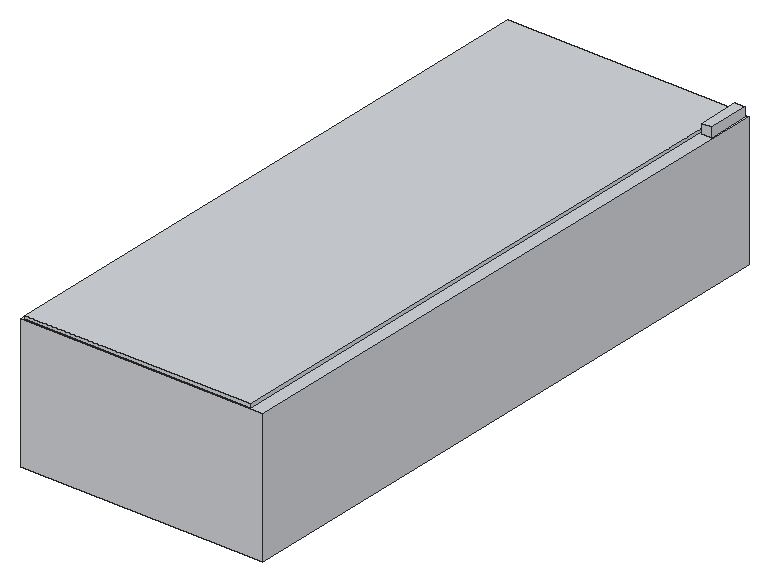
Revit family "2f7f860d4a794f85a9d4cc54ef1a8a36", category Electrical Equipment, host Face, Revit 2021
Family settings
  Host = Face
  Round Connector Dimension = Use Diameter
  Part Type = Switchboard
  OmniClass Number = 23.80.30.11.17
  OmniClass Title = Distribution Boards and Control Panels
  Seek Item ID = Combination Starter - Disconnect Switches-0000-USA-ENU
  Cut with Voids When Loaded = No
  Shared = No
  Room Calculation Point = No
Parameters (values of type "480V Size 6")
  Width = 3' - 0"
  Switch Voltage = 480 V
  built-in parameter 1140142 [instance] = -1
  Number of Poles = 3
  built-in parameter 1155150 [instance] = 3
  built-in parameter 1140140 [instance] = 1 (stored number, unit not read)
  Load Classification = HVAC
  Height = 7' - 6"
  H = Height - 0' 0 1/4"  # 7' - 5 3/4"
  G = 6' - 11 1/2"
  built-in parameter 1155100 [instance] = -1
  built-in parameter 1140083 [instance] = "Type 1"
  Depth = 1' - 9"
  Default Elevation = 4' - 0"
  D = Width - 0' 2 1/2"  # 2' - 9 1/2"
  built-in parameter 1140087 [instance] = element -7000011
Types (15): name | Width | Switch Voltage | Height | H | G | Depth | D
  (no name) | 3' - 0" | 480 V | 7' - 6" | 7' - 5 3/4" | 6' - 11 1/2" | 1' - 9" | 2' - 9 1/2"
  208V Size 0 | 0' - 9 1/2" | 208 V | 1' - 10 1/2" | 1' - 10 1/4" | 1' - 4" | 0' - 7" | 0' - 7"
  208V Size 1 | 0' - 9 1/2" | 208 V | 1' - 10 1/2" | 1' - 10 1/4" | 1' - 4" | 0' - 7" | 0' - 7"
  208V Size 2 | 0' - 10 1/2" | 208 V | 2' - 2" | 2' - 1 3/4" | 1' - 7 1/2" | 0' - 8 1/4" | 0' - 8"
  208V Size 3 | 1' - 3 1/4" | 208 V | 3' - 6" | 3' - 5 3/4" | 2' - 11 1/2" | 0' - 10 19/32" | 1' - 0 3/4"
  208V Size 4 | 1' - 4" | 208 V | 4' - 4 1/2" | 4' - 4 1/4" | 3' - 10" | 0' - 10 1/2" | 1' - 1 1/2"
  208V Size 5 | 1' - 8" | 208 V | 6' - 6" | 6' - 5 3/4" | 5' - 11 1/2" | 1' - 3 1/2" | 1' - 5 1/2"
  208V Size 6 | 3' - 0" | 208 V | 7' - 6" | 7' - 5 3/4" | 6' - 11 1/2" | 1' - 9" | 2' - 9 1/2"
  480V Size 0 | 0' - 9 1/2" | 480 V | 1' - 10 1/2" | 1' - 10 1/4" | 1' - 4" | 0' - 7" | 0' - 7"
  480V Size 1 | 0' - 9 1/2" | 480 V | 1' - 10 1/2" | 1' - 10 1/4" | 1' - 4" | 0' - 7" | 0' - 7"
  480V Size 2 | 0' - 10 1/2" | 480 V | 2' - 2" | 2' - 1 3/4" | 1' - 7 1/2" | 0' - 8 1/4" | 0' - 8"
  480V Size 3 | 1' - 3 1/4" | 480 V | 3' - 6" | 3' - 5 3/4" | 2' - 11 1/2" | 0' - 10 19/32" | 1' - 0 3/4"
  480V Size 4 | 1' - 4" | 480 V | 4' - 4 1/2" | 4' - 4 1/4" | 3' - 10" | 0' - 10 1/2" | 1' - 1 1/2"
  480V Size 5 | 1' - 8" | 480 V | 6' - 6" | 6' - 5 3/4" | 5' - 11 1/2" | 1' - 3 1/2" | 1' - 5 1/2"
  480V Size 6 | 3' - 0" | 480 V | 7' - 6" | 7' - 5 3/4" | 6' - 11 1/2" | 1' - 9" | 2' - 9 1/2"
Reference planes (in)
  plane 1 "Center (Front/Back)": y = 0
  plane 2: z = 0
  plane 3 "Center (Left/Right)": x = -8
  plane 4: x = -26
  plane 5: x = 10
  plane 6: y = -90
  plane 7: x = -25.5
  plane 8: x = 8
  plane 9: x = 8.25
  plane 10: x = 9.75
  plane 11: y = -89.75
  plane 12: y = -6.5
  plane 13: y = -0.25
  plane 14: z = 21
  plane 15: z = 19.65625
  plane 16: z = 20.15625
  plane 17: x = 14
  plane 18: z = 10.5
Forms (in)
  Extrusion 1, solid, detail levels fine
    sketch origin (0, 0, 0) x (1, 0, 0) y (0, 1, 0)
      loop
        line (-26, 0) -> (-26, -90) -> (10, -90) -> (10, 0) -> (-26, 0)
    from 0 to 19.65625
  Extrusion 2, solid, detail levels fine
    sketch origin (0, 0, 0) x (1, 0, 0) y (0, 1, 0)
      loop
        line (-25.5, -0.25) -> (-25.5, -89.75) -> (8, -89.75) -> (8, -0.25) -> (-25.5, -0.25)
    from 19.65625 to 20.15625
  Extrusion 3, solid, detail levels fine
    sketch origin (0, 0, 0) x (1, 0, 0) y (0, 1, 0)
      loop
        line (8.25, -0.25) -> (8.25, -6.5) -> (9.75, -6.5) -> (9.75, -0.25) -> (8.25, -0.25)
    from 19.65625 to 21
  Extrusion 4, solid, detail levels coarse+medium
    sketch origin (0, 0, 0) x (1, 0, 0) y (0, 1, 0)
      loop
        line (-26, 0) -> (-26, -90) -> (10, -90) -> (10, 0) -> (-26, 0)
    from 0 to 21
Lines and regions (in)
  symbolic lines, detail levels coarse+medium
    curve 1: line (10, 0, 10.5) -> (14, 0, 10.5)
    curve 2: line (14, 0, 10.5) -> (14, 0, 21)
    curve 15: line (10, 0, 21) -> (-26, 0, 0)
    curve 16: line (-26, 0, 21) -> (10, 0, 0)
  symbolic lines
    curve 3: line (-26, 0, 0) -> (10, 0, 0)
    curve 4: line (-26, -90, 0) -> (-26, 0, 0)
    curve 5: line (10, -90, 0) -> (-26, -90, 0)
    curve 6: line (10, 0, 0) -> (10, -90, 0)
  symbolic lines, detail levels fine
    curve 7: line (-25.5, -0.25, 0) -> (8, -0.25, 0)
    curve 8: line (-25.5, -89.75, 0) -> (-25.5, -0.25, 0)
    curve 9: line (8, -89.75, 0) -> (-25.5, -89.75, 0)
    curve 10: line (8, -0.25, 0) -> (8, -89.75, 0)
    curve 11: line (8.25, -0.25, 0) -> (9.75, -0.25, 0)
    curve 12: line (8.25, -6.5, 0) -> (8.25, -0.25, 0)
    curve 13: line (9.75, -6.5, 0) -> (8.25, -6.5, 0)
    curve 14: line (9.75, -0.25, 0) -> (9.75, -6.5, 0)
Dimensions and locks (in)
  equal spacing: plane 4, plane 3 "Center (Left/Right)", plane 5
  "Width": plane 4 to plane 5
  "Height": plane 6 to plane 1 "Center (Front/Back)"
  locked: plane 4 to plane 7 at 0.5
  "D": plane 7 to plane 8
  locked: plane 8 to plane 9 at 0.25
  locked: plane 9 to plane 10 at 1.5
  locked: plane 11 to plane 6 at 0.25
  "G": plane 12 to plane 6
  "H": plane 13 to plane 6
  "Depth": level to plane 14
  locked: plane 15 to plane 14 at 1.34375
  locked: plane 15 to plane 16 at 0.5
  locked: plane 17 to plane 5 at 4
  equal spacing: level, plane 18, plane 14
  aligned and locked: plane 2 to host face
  aligned and locked: level to host face
  aligned and locked: plane 4 to Extrusion 1 sketch curve
  aligned and locked: plane 1 "Center (Front/Back)" to Extrusion 1 sketch curve
  aligned and locked: plane 6 to Extrusion 1 sketch curve
  aligned and locked: Extrusion 1 sketch curve to plane 5
  aligned and locked: plane 7 to Extrusion 2 sketch curve
  aligned and locked: Extrusion 2 sketch curve to plane 13
  aligned and locked: plane 11 to Extrusion 2 sketch curve
  aligned and locked: Extrusion 2 sketch curve to plane 8
  aligned and locked: plane 9 to Extrusion 3 sketch curve
  aligned and locked: Extrusion 3 sketch curve to plane 13
  aligned and locked: plane 12 to Extrusion 3 sketch curve
  aligned and locked: Extrusion 3 sketch curve to plane 10
  aligned and locked: Extrusion 2 to plane 16
  aligned and locked: plane 14 to Extrusion 3
  aligned and locked: Extrusion 1 to plane 15
  aligned and locked: Extrusion 3 to Extrusion 1
  aligned and locked: Extrusion 2 to Extrusion 1
  aligned and locked: Extrusion 4 sketch curve to Extrusion 1  (x3)
  aligned and locked: Extrusion 1 to Extrusion 4 sketch curve
  aligned and locked: Extrusion 4 to plane 14
  aligned and locked: curve 2 to plane 17
  aligned and locked: curve 3 to Extrusion 1  (x2)
  aligned and locked: Extrusion 1 to curve 6
  aligned and locked: curve 6 to Extrusion 1
  aligned and locked: curve 7 to Extrusion 2  (x2)
  aligned and locked: Extrusion 2 to curve 10
  aligned and locked: curve 10 to Extrusion 2
  aligned and locked: Extrusion 3 to curve 11
  aligned and locked: curve 11 to Extrusion 3
  aligned and locked: Extrusion 3 to curve 14
  aligned and locked: curve 14 to Extrusion 3
  aligned and locked: curve 15 to Extrusion 4
  aligned and locked: curve 15 to Extrusion 1
  aligned and locked: Extrusion 4 to curve 16
  aligned and locked: Extrusion 1 to curve 16
Automatic sketch dimensions
  curve 16 to plane 4 = 0' - 0"
  curve 15 to plane 4 = 0' - 0"
  curve 16 to plane 5 = 0' - 0"
  curve 15 to plane 5 = 0' - 0"
  curve 1 to plane 5 = 0' - 0"
  curve 2 to plane 18 = 0' - 0"
  curve 2 to plane 14 = 0' - 0"
  host sketch curve to host sketch curve = 9' - 6.96416"
  host sketch curve to host sketch curve = 13' - 9.84978"
Connectors (in)
  electrical at (-8, 0, 10.5), driven by "Switch Voltage", driven by "Number of Poles", driven by "Load Classification"
    settings: on Extrusion 4, index 1, voltage 480 V, apparent load 0 VA, apparent load phase1 0 VA, apparent load phase2 0 VA, apparent load phase3 0 VA, power factor 0.8, load classification "HVAC", number of poles 3, system type 31, power factor state 1, is connector primary yes, connector utility no, sub classification motor no, connector description ""
  cabletrayconduit at (-8, 0, 9.82812), diameter 24
    settings: on Extrusion 1, index 2, connector width 1' - 0", connector height 1' - 0", connector angle 0.00°, system type 32, placement type 1, profile type 0, connector reference index -1, is primary connector yes, connector utility param no, connector description ""
  cabletrayconduit at (-26, -45, 9.82812), diameter 24
    settings: on Extrusion 1, index 3, connector width 1' - 0", connector height 1' - 0", connector angle 0.00°, system type 32, placement type 1, profile type 0, connector reference index -1, is primary connector no, connector utility param no, connector description ""
  cabletrayconduit at (10, -45, 9.82812), diameter 24
    settings: on Extrusion 1, index 4, connector width 1' - 0", connector height 1' - 0", connector angle 0.00°, system type 32, placement type 1, profile type 0, connector reference index -1, is primary connector no, connector utility param no, connector description ""
  cabletrayconduit at (-8, -45, 0), diameter 24
    settings: on Extrusion 1, index 5, connector width 1' - 0", connector height 1' - 0", connector angle 0.00°, system type 32, placement type 1, profile type 0, connector reference index -1, is primary connector no, connector utility param no, connector description ""
  cabletrayconduit at (-8, -90, 9.82812), diameter 24
    settings: on Extrusion 1, index 6, connector width 1' - 0", connector height 1' - 0", connector angle 0.00°, system type 32, placement type 1, profile type 0, connector reference index -1, is primary connector no, connector utility param no, connector description ""
